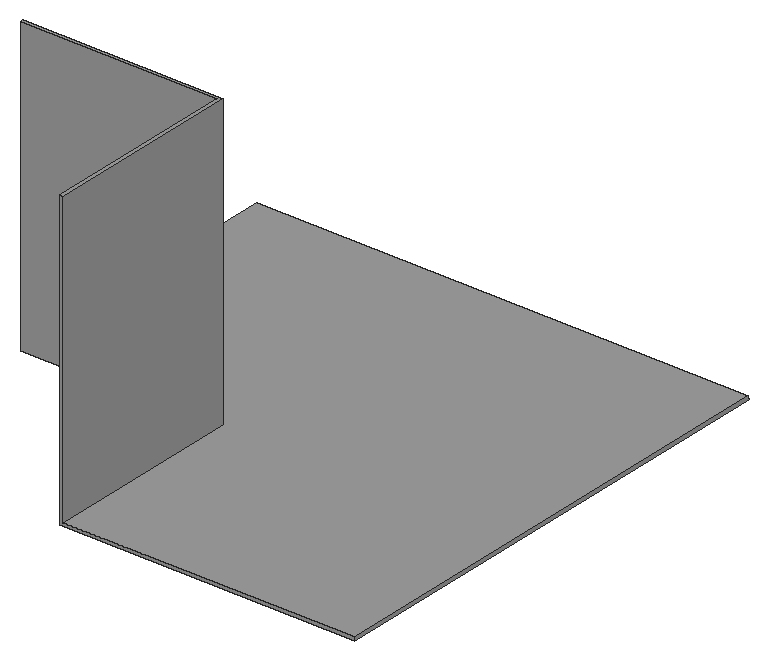
Revit family "Flashing_Preformed_Hyload_Outside90", category Generic Models, Revit 2016
Family settings
  Part Type = Normal
  Can host rebar = No
  Round Connector Dimension = Use Diameter
  OmniClass Number = 23.20.30.24.11
  OmniClass Title = Embedded Flashing
  Work Plane-Based = No
  Always vertical = Yes
  Cut with Voids When Loaded = No
  Shared = No
  Room Calculation Point = No
Parameters (values of type "As Specified")
  Unit Width = 0' - 10"
  Unit Height = 0' - 6"
  Unit Depth = 0' - 6"
  URL = "http://www.hyload.com/"
  Thickness = 0' - 0 1/16"
  Specification = "http://www.arcat.com/sdspecs/htm04/07_65_00hyl.htm"
  Sales Information = "http://www.hyload.com/contact-us"
  Revision = "R1_12-2015"
  Product Properties = "http://www.hyload.com/masonry-flashing/preformed-shapes/"
  Product Data = "http://www.arcat.com/arcatcos/cos33/arc33176.html"
  Model = "Outside Corner (90)"
  Manufacturer Website = "http://www.hyload.com/"
  Manufacturer Phone - Toll Free = "800-457-4056"
  Manufacturer Phone = "330-769-3546"
  Manufacturer Fax = "330-769-4153"
  Manufacturer Address = "5020 Panther Pkwy., Seville, OH 44273"
  Manufacturer = "Hyload"
  Keynote = "07 65 00"
  Flashing Material = Hyload Flashing Membrane - Grey
  Drawn By = "Robert S. Weygant / Sumex Design"
  Description = "Preformed Hyload Masonry Flashing - Outside Corner (90)"
  Copyright = "(c) ARCAT, Inc, 2015"
  Construction Details = "http://www.arcat.com/details/hyload/hyload.html?coid=33176"
  Assembly Code = "B3010400"
Reference planes (in)
  plane 1 "Center (Front/Back)": y = 0
  plane 2: z = 0
  plane 3 "Center (Left/Right)": x = 0
  plane 4: y = 6
  plane 5: x = 6
  plane 6: z = 6
  plane 7: y = -4
  plane 8: x = -4
Forms (in)
  Sweep 1, solid, material "Hyload Flashing Membrane - Grey" <- "Flashing Material"
    path origin (0, 0, 0) x (1, 0, 0) y (0, 1, 0)
      loop
        line (0, -4) -> (0, 0) -> (-4, 0)
    profile origin (0, -2, 0) x (-1, 0, 0) y (0, 0, 1)
      loop
        line (0, 0) -> (0, 6) -> (-0.0625, 6) -> (-0.0625, 0.0625) -> (-6, 0.0625) -> (-6, 0) -> (0, 0)
Dimensions and locks (in)
  "Unit Depth": plane 1 "Center (Front/Back)" to plane 4
  "Unit Depth": plane 3 "Center (Left/Right)" to plane 5
  "Thickness": Sweep 1 sketch curve to plane 3 "Center (Left/Right)"
  "Thickness": Sweep 1 sketch curve to level
  "Unit Height": plane 6 to level
  "Unit Width": plane 8 to plane 5
  "Unit Width": plane 4 to plane 7
  aligned and locked: plane 2 to level
  aligned and locked: Sweep 1 sketch curve to plane 1 "Center (Front/Back)"
  aligned and locked: plane 3 "Center (Left/Right)" to Sweep 1 sketch curve
  aligned and locked: Sweep 1 sketch curve to level
  aligned and locked: plane 6 to Sweep 1 sketch curve
  aligned and locked: plane 8 to Sweep 1 sketch curve
  aligned and locked: plane 7 to Sweep 1 sketch curve
Automatic sketch dimensions
  Sweep 1 sketch curve to profile plane = 0' - 0"
  Sweep 1 sketch curve to Sweep 1 sketch curve = 0' - 5 15/16"
